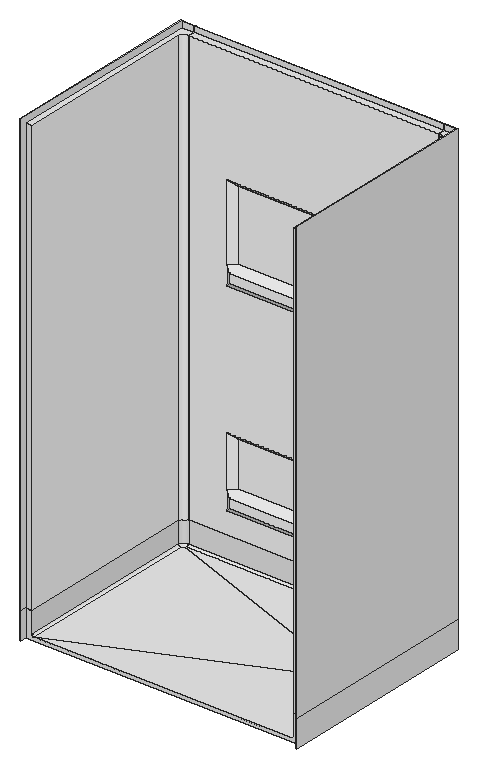
Revit family "4LRS4834E5T,E2T,E5B,E2B", category Plumbing Fixtures, Revit 2017
Family settings
  Round Connector Dimension = Use Diameter
  Part Type = Normal
  OmniClass Number = 23.45.05.14.17
  OmniClass Title = Showers
  Work Plane-Based = No
  Always vertical = Yes
  Cut with Voids When Loaded = No
  Shared = No
  Room Calculation Point = No
Parameters (values of type "4LRS4834E5T")
  Unit Width = 48"
  Unit Height = 81 1/8"
  Unit Depth = 35"
  URL = "http://www.bestbath.com/"
  Type Comments = "Barrier Free"
  Threshold Height = 5/8"
  Model = "4LRS4834E5T"
  Material [instance] = Best Bath Gelcoat Fiberglass - RealTile
  Manufacturer = "Best Bath Systems, Inc."
  Keynote = "22 40 00.B3"
  Description = "Real Tile, Traditional Bull Nose Threshold"
  Assembly Code = "D2010710"
Types (5): name | Unit Height | Threshold Height | Model | Material | Description
  (no name) | 81 1/8" | 5/8" | "4LRS4834E5T" | Best Bath Gelcoat Fiberglass - RealTile | "Real Tile, Traditional Bull Nose Threshold"
  4LRS4834E5B | 81 1/8" | 5/8" | "4LRS4834E5B" | Best Bath Classic Tile | "Real Tile, Beveled Threshold"
  4LRS4834E2B | 82 1/2" | 2" | "4LRS4834E2B" | Best Bath Classic Tile | "Real Tile, Beveled Threshold"
  4LRS4834E5T | 81 1/8" | 5/8" | "4LRS4834E5T" | Best Bath Gelcoat Fiberglass - RealTile | "Real Tile, Traditional Bull Nose Threshold"
  4LRS4834E2T | 82 1/2" | 2" | "4LRS4834E2T" | Best Bath Classic Tile | "Real Tile, Traditional Bull Nose Threshold"
Reference planes (in)
  plane 1 "Back": y = -0.5
  plane 2: z = 0
  plane 3 "Left": x = 0
  plane 4: x = 48
  plane 5: y = -34.5
  plane 6: z = 80.125
  plane 7: z = 0.625
  plane 8: z = 81.125
  plane 9: x = 42
  plane 10: y = -1.75
  plane 11: y = -16.25
  plane 12: z = 0.25
  plane 13: z = 4.625
  plane 14: y = -35.5
  plane 15: x = 39
  plane 16: x = 9
  plane 17: z = 11.875
  plane 18: z = 46.875
Forms (in)
  Extrusion 1, solid, material "Best Bath Smoothwall"
    sketch origin (0, 0, 0) x (1, 0, 0) y (0, 1, 0)
      loop
        line (0, -0.5) -> (0, -34.5) -> (48, -34.5) -> (48, -0.5) -> (0, -0.5)
      loop
        circle (42, -16.25) r 2.0625
    from 0 to 0.625
  Extrusion 2, solid, material "Best Bath Smoothwall"
    sketch origin (0, 0, 0) x (1, 0, 0) y (0, 1, 0)
      loop
        line (2.25, -0.5) -> (2.25, -1.75) -> (45.75, -1.75) -> (45.75, -0.5) -> (2.25, -0.5)
    from 4.625 to 80.125
  Extrusion 3, solid, material "Best Bath Smoothwall"
    sketch origin (0, 0, 0) x (1, 0, 0) y (0, 1, 0)
      loop
        line (0, -34.5) -> (1.25, -34.5) -> (1.25, -2.75)
        arc (1.25, -2.75) -> (1.54289, -2.04289) -> (2.25, -1.75) r 1
        line (2.25, -1.75) -> (45.75, -1.75)
        arc (45.75, -1.75) -> (46.45711, -2.04289) -> (46.75, -2.75) r 1
        line (46.75, -2.75) -> (46.75, -34.5) -> (48, -34.5) -> (48, -0.5) -> (0, -0.5) -> (0, -34.5)
    from 0 to 4.625
  Extrusion 4, solid, material "Best Bath Smoothwall"
    sketch origin (0, 0, 0) x (1, 0, 0) y (0, 1, 0)
      loop
        line (0, -34.5) -> (1.25, -34.5) -> (1.25, -2.75)
        arc (1.25, -2.75) -> (1.54289, -2.04289) -> (2.25, -1.75) r 1
        line (2.25, -1.75) -> (2.25, -0.5) -> (0, -0.5) -> (0, -34.5)
      loop
        line (48, -34.5) -> (48, -0.5) -> (45.75, -0.5) -> (45.75, -1.75)
        arc (45.75, -1.75) -> (46.45711, -2.04289) -> (46.75, -2.75) r 1
        line (46.75, -2.75) -> (46.75, -34.5) -> (48, -34.5)
    from 4.625 to 80.125
  Sweep 5, solid, material "Best Bath Smoothwall"
    path origin (0, 0, 0) x (1, 0, 0) y (0, 1, 0)
      loop
        line (1.25, -34.5) -> (1.25, -2.75)
        arc (1.25, -2.75) -> (1.54289, -2.04289) -> (2.25, -1.75) r 1
        line (2.25, -1.75) -> (45.75, -1.75)
        arc (45.75, -1.75) -> (46.45711, -2.04289) -> (46.75, -2.75) r 1
        line (46.75, -2.75) -> (46.75, -34.5)
    profile origin (1.25, -18.625, 0) x (-1, 0, 0) y (0, 0, 1)
      loop
        line (0, 0.625) -> (0, 1)
        arc (0, 1) -> (-0.10983, 0.73483) -> (-0.375, 0.625) r 0.375
        line (-0.375, 0.625) -> (0, 0.625)
  Blend 6, void
    base sketch origin (0, 0, 0) x (1, 0, 0) y (0, 1, 0)
      loop
        line (1.625, -34.5) -> (46.375, -34.5) -> (46.375, -2.125) -> (1.625, -2.125) -> (1.625, -34.5)
    top sketch origin (0, 0, 0) x (1, 0, 0) y (0, 1, 0)
      loop
        circle (42, -16.25) r 0.05278
    from 0.625 to 0.25
  Extrusion 7, solid, material "Best Bath Smoothwall"
    sketch origin (0, 0, 0) x (1, 0, 0) y (0, 1, 0)
      loop
        line (0, -34.5) -> (0, -35.5) -> (0.125, -35.5) -> (0.125, -34.5) -> (0, -34.5)
      loop
        line (48, -35.5) -> (48, -34.5) -> (47.85, -34.5) -> (47.85, -35.5) -> (48, -35.5)
    from 0 to 4.625
  Extrusion 8, solid, material "Best Bath Smoothwall"
    sketch origin (0, 0, 0) x (1, 0, 0) y (0, 1, 0)
      loop
        line (0.125, -35.5) -> (0.125, -0.625) -> (2.25, -0.625) -> (2.25, -0.5) -> (0, -0.5) -> (0, -35.5) -> (0.125, -35.5)
      loop
        line (47.875, -35.5) -> (48, -35.5) -> (48, -0.5) -> (45.75, -0.5) -> (45.75, -0.625) -> (47.875, -0.625) -> (47.875, -35.5)
    from 4.625 to 81.125
  Extrusion 9, solid, material "Best Bath Smoothwall"
    sketch origin (0, 0, 0) x (1, 0, 0) y (0, 1, 0)
      loop
        line (2.25, -0.625) -> (45.75, -0.625) -> (45.75, -0.5) -> (2.25, -0.5) -> (2.25, -0.625)
    from 80.125 to 81.125
  Blend 10, solid, material "Best Bath Smoothwall"
    base sketch origin (1.5, -38.5, 0) x (1, 0, 0) y (0, 0, 1)
      loop
        line (7.5, 11.875) -> (7.5, 8.5) -> (37.5, 8.5) -> (37.5, 11.875) -> (7.5, 11.875)
    top sketch origin (1.5, -38.5, 0) x (1, 0, 0) y (0, 0, 1)
      loop
        line (9.5, 11.875) -> (9.5, 10.375) -> (35.5, 10.375) -> (35.5, 11.875) -> (9.5, 11.875)
    from -36.75 to -34.75
  Blend 11, solid, material "Best Bath Smoothwall"
    base sketch origin (1.5, -38.5, 35) x (1, 0, 0) y (0, 0, 1)
      loop
        line (7.5, 11.875) -> (7.5, 8.5) -> (37.5, 8.5) -> (37.5, 11.875) -> (7.5, 11.875)
    top sketch origin (1.5, -38.5, 35) x (1, 0, 0) y (0, 0, 1)
      loop
        line (9.5, 11.875) -> (9.5, 10.375) -> (35.5, 10.375) -> (35.5, 11.875) -> (9.5, 11.875)
    from -36.75 to -34.75
  Blend 12, void
    base sketch origin (1.5, -38.5, 0) x (1, 0, 0) y (0, 0, 1)
      loop
        line (7.5, 11.875) -> (37.5, 11.875) -> (37.5, 20.625) -> (7.5, 20.625) -> (7.5, 11.875)
    top sketch origin (1.5, -38.5, 0) x (1, 0, 0) y (0, 0, 1)
      loop
        line (8.5, 11.875) -> (36.5, 11.875) -> (36.5, 19.625) -> (8.5, 19.625) -> (8.5, 11.875)
    from -36.75 to -37.75
  Blend 13, void
    base sketch origin (1.5, -38.5, 35) x (1, 0, 0) y (0, 0, 1)
      loop
        line (7.5, 11.875) -> (37.5, 11.875) -> (37.5, 25) -> (7.5, 25) -> (7.5, 11.875)
    top sketch origin (1.5, -38.5, 35) x (1, 0, 0) y (0, 0, 1)
      loop
        line (8.5, 11.875) -> (36.5, 11.875) -> (36.5, 24) -> (8.5, 24) -> (8.5, 11.875)
    from -36.75 to -37.75
Cuts and joins
  Blend 6 cuts Extrusion 1
  Blend 6 cuts Extrusion 3
  Blend 6 cuts Sweep 5
  joined: Extrusion 1, Extrusion 3, Sweep 5, Extrusion 7
  joined: Extrusion 4, Extrusion 8
  Blend 12, Blend 13 cuts Extrusion 2
  Blend 13 cuts Extrusion 9
  Blend 13 cuts Blend 10
  Blend 13 cuts Blend 11
  joined: Extrusion 2, Extrusion 9, Blend 10, Blend 11
Dimensions and locks (in)
  "Unit Width": plane 3 "Left" to plane 4
  "Threshold Height": plane 7 to level
  locked: plane 8 to plane 6 at 1
  "Unit Height": plane 8 to level
  plane 3 "Left" to plane 9 to plane 4 = 42", 6"
  plane 1 "Back" to plane 11 = 15 3/4"
  locked: plane 10 to plane 1 "Back" at 1.25
  locked: plane 7 to plane 12 at 0.375
  locked: plane 13 to plane 7 at 4
  locked: plane 5 to plane 14 at 1
  "Unit Depth": plane 14 to plane 1 "Back"
  plane 15 to plane 4 = 9"
  plane 16 to plane 3 "Left" = 9"
  locked: plane 17 to plane 13 at 7.25
  plane 18 to plane 17 = 35"
  aligned and locked: level to plane 2
  aligned and locked: Extrusion 1 to plane 7
  aligned and locked: plane 5 to Extrusion 1 sketch curve
  aligned and locked: plane 4 to Extrusion 1 sketch curve
  aligned and locked: Extrusion 2 sketch curve to Extrusion 1
  aligned and locked: Extrusion 2 sketch curve to plane 10
  aligned and locked: plane 11 to Extrusion 1 sketch curve
  aligned and locked: plane 9 to Extrusion 1 sketch curve
  aligned and locked: plane 13 to Extrusion 3
  aligned and locked: Extrusion 2 to plane 13
  aligned and locked: plane 6 to Extrusion 2
  aligned and locked: Extrusion 4 to Extrusion 2
  aligned and locked: plane 6 to Extrusion 4
  aligned and locked: Sweep 5 sketch curve to plane 7
  aligned and locked: plane 11 to Blend 6 sketch curve
  aligned and locked: plane 9 to Blend 6 sketch curve
  aligned and locked: Extrusion 1 to Blend 6
  aligned and locked: Blend 6 to plane 12
  aligned and locked: Extrusion 7 to Extrusion 2
  aligned and locked: Extrusion 8 to Extrusion 2
  aligned and locked: plane 8 to Extrusion 8
  aligned and locked: Extrusion 9 to plane 6
  aligned and locked: plane 8 to Extrusion 9
Automatic sketch dimensions
  Extrusion 1 sketch curve to plane 3 "Left" = 0"
  plane 1 "Back" to Extrusion 1 sketch curve = 0"
  plane 1 "Back" to Extrusion 3 sketch curve = 0"
  Extrusion 3 sketch curve to plane 3 "Left" = 0"
  Extrusion 3 sketch curve to plane 5 = 0"  (x2)
  Extrusion 3 sketch curve to plane 10 = 0"
  Extrusion 3 sketch curve to plane 4 = 0"
  plane 4 to Extrusion 3 sketch curve = 1 1/4"
  Extrusion 3 sketch curve to plane 10 = 1"
  plane 3 "Left" to Extrusion 3 sketch curve = 1 1/4"
  Extrusion 3 sketch curve to Extrusion 3 sketch curve = 1"
  Sweep 5 sketch curve to plane 10 = 0"
  plane 3 "Left" to Sweep 5 sketch curve = 1 1/4"
  Sweep 5 sketch curve to plane 10 = 1"  (x2)
  Sweep 5 sketch curve to plane 5 = 0"  (x2)
  plane 4 to Sweep 5 sketch curve = 2 1/4"
  Sweep 5 sketch curve to profile plane = 0"
  profile plane to Sweep 5 sketch curve = 3/8"
  Blend 6 sketch curve to plane 5 = 0"
  plane 3 "Left" to Blend 6 sketch curve = 1 5/8"
  Blend 6 sketch curve to plane 10 = 3/8"
  plane 4 to Blend 6 sketch curve = 1 5/8"
  Extrusion 4 sketch curve to plane 3 "Left" = 0"
  Extrusion 4 sketch curve to plane 5 = 0"  (x2)
  plane 1 "Back" to Extrusion 4 sketch curve = 0"  (x2)
  Extrusion 4 sketch curve to plane 10 = 0"  (x2)
  Extrusion 4 sketch curve to plane 4 = 0"
  plane 3 "Left" to Extrusion 4 sketch curve = 1 1/4"
  Extrusion 4 sketch curve to plane 10 = 1"
  plane 4 to Extrusion 4 sketch curve = 2 1/4"
  plane 4 to Extrusion 4 sketch curve = 1 1/4"
  plane 4 to Extrusion 2 sketch curve = 2 1/4"
  plane 3 "Left" to Extrusion 2 sketch curve = 2 1/4"
  Extrusion 7 sketch curve to plane 3 "Left" = 0"
  Extrusion 7 sketch curve to plane 14 = 0"  (x2)
  Extrusion 7 sketch curve to plane 5 = 0"  (x2)
  Extrusion 7 sketch curve to plane 4 = 0"
  plane 3 "Left" to Extrusion 7 sketch curve = 1/8"
  Extrusion 7 sketch curve to Extrusion 7 sketch curve = 0.15"
  Extrusion 8 sketch curve to plane 3 "Left" = 0"
  Extrusion 8 sketch curve to plane 14 = 0"  (x2)
  plane 1 "Back" to Extrusion 8 sketch curve = 0"  (x2)
  Extrusion 8 sketch curve to plane 4 = 0"
  plane 3 "Left" to Extrusion 8 sketch curve = 1/8"
  plane 1 "Back" to Extrusion 8 sketch curve = 1/8"  (x2)
  Extrusion 8 sketch curve to Extrusion 8 sketch curve = 2 1/8"
  plane 4 to Extrusion 8 sketch curve = 2 1/4"
  plane 4 to Extrusion 8 sketch curve = 1/8"
  plane 1 "Back" to Extrusion 9 sketch curve = 0"
  plane 3 "Left" to Extrusion 9 sketch curve = 2 1/4"
  plane 4 to Extrusion 9 sketch curve = 2 1/4"
  plane 1 "Back" to Extrusion 9 sketch curve = 1/8"
  Blend 10 sketch curve to plane 16 = 0"
  Blend 10 sketch curve to plane 15 = 0"
  Blend 10 sketch curve to plane 17 = 0"  (x2)
  Blend 10 sketch curve to plane 17 = 3 3/8"
  Blend 10 sketch curve to plane 15 = 2"
  plane 16 to Blend 10 sketch curve = 2"
  Blend 10 sketch curve to Blend 10 sketch curve = 1 1/2"
  Blend 11 sketch curve to plane 16 = 0"
  Blend 11 sketch curve to plane 15 = 0"
  Blend 11 sketch curve to plane 18 = 3 3/8"
  Blend 11 sketch curve to Blend 11 sketch curve = 3 3/8"
  plane 16 to Blend 11 sketch curve = 2"
  Blend 11 sketch curve to plane 15 = 2"
  Blend 11 sketch curve to plane 18 = 1 1/2"
  Blend 11 sketch curve to Blend 11 sketch curve = 1 1/2"
  Blend 12 sketch curve to plane 16 = 0"
  Blend 12 sketch curve to plane 15 = 0"
  Blend 12 sketch curve to plane 17 = 0"  (x2)
  plane 17 to Blend 12 sketch curve = 8 3/4"
  plane 16 to Blend 12 sketch curve = 1"
  Blend 12 sketch curve to plane 15 = 1"
  plane 17 to Blend 12 sketch curve = 7 3/4"
  Blend 13 sketch curve to plane 16 = 0"
  Blend 13 sketch curve to plane 15 = 0"
  Blend 13 sketch curve to plane 18 = 0"  (x2)
  Blend 13 sketch curve to Blend 13 sketch curve = 13 1/8"
  plane 16 to Blend 13 sketch curve = 1"
  Blend 13 sketch curve to plane 15 = 1"
  Blend 13 sketch curve to Blend 13 sketch curve = 12 1/8"
  radius of Extrusion 1 sketch curve = 2 1/16"
  radius of Blend 6 sketch curve = 0.05278"
